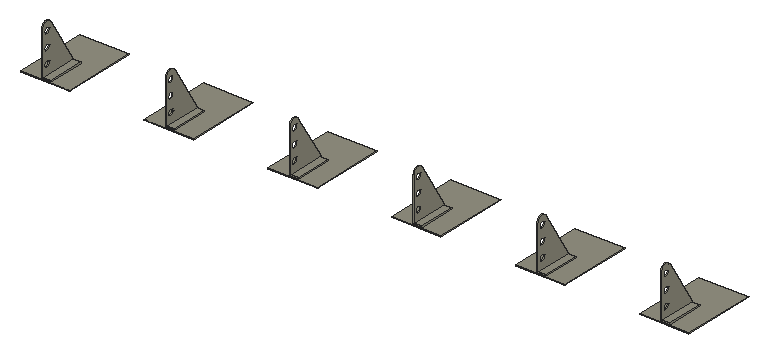
Revit family "Construction_Roof-Accessories_Alpine-SnowGuards_SSG-313H3AL-812BLK", category Specialty Equipment, host Face, Revit 2019
Family settings
  Host = Face
  Round Connector Dimension = Use Diameter
  Part Type = Normal
  OmniClass Number = 23.35.20.31.27.14
  OmniClass Title = Snow Guards
  Cut with Voids When Loaded = No
  Shared = No
  Room Calculation Point = No
Parameters (values of type "Three Pipe")
  Z_Two [instance] = Z_Length > Z_Horizontal Spacing  # yes
  Z_One [instance] = not(Z_Array)  # no
  Z_Length [instance] = if(Length < Z_Horizontal Spacing, Z_Horizontal Spacing, Length)  # 100"
  Z_Horizontal Spacing [instance] = if(Horizontal Spacing < 2", 2", Horizontal Spacing)  # 20"
  Z_Array [instance] = and(Z_Length > Z_Horizontal Spacing * 2)  # yes
  URL = "https://www.alpinesnowguards.com/model/ssg-313h3al-812blk?utm_source=bimobject&utm_medium=productlisting&utm_campaign=2022marketing"
  Snow Guard Count [instance] = if(Length < Horizontal Spacing, 1, if(and(Z_Length > Z_Horizontal Spacing, Z_Length < Z_Horizontal Spacing * 2), 2, Z_Number of Pads Control))  # 6
  Product data url = "https://www.bimobject.com/en-us/alpine-snowguards/product/ssg-313h3al-812blk_pipe_style_for_asphalt_shingle"
  Product Material = Alpine SnowGuards - Aluminium - Mill Finish
  Product Guid = "af4911d6-feec-4705-85d1-f370e7dd8e1f"
  Z_Number of Pads Control [instance] = if(Z_Length / Z_Horizontal Spacing + 1 < 3, 3, rounddown(Z_Length / Z_Horizontal Spacing + 1))  # 6
  Pad Material = Alpine SnowGuards - Aluminium - Mill Finish
  Model = "SSG-313H3AL-812BLK"
  Manufacturer = "Alpine SnowGuards"  # constant formula
  Length [instance] = 100"
  Keynote = "07720"
  Length Note [instance] = "To show a single SnowGuard set Length to 0"  # constant formula
  Horizontal Spacing = 20"
  Edition number = 1
  Description = "SSG-313H3AL-812BLK pipe-style snow guard bracket for composition shingles."  # constant formula
  Default Elevation = 48"
  Base Material = Alpine SnowGuards - Aluminium - Mill Finish
  Assembly Code = "B3010"
Reference planes (in)
  plane 1 "Center (Front/Back)": y = 0
  plane 2: z = 0
  plane 3 "Center (Left/Right)": x = 0
  plane 4: x = 100
  plane 5: z = 0.0625
  plane 6: x = 20
  plane 7: y = -5.75
Dimensions and locks (in)
  "Z_Length": plane 3 "Center (Left/Right)" to plane 4
  locked: plane 5 to plane 2 at 0.0625
  "Z_Horizontal Spacing": plane 3 "Center (Left/Right)" to plane 6
  equal spacing: group 1, group 2, group 3, group 7, group 8, group 9  (x3)
  locked: nested 1 to plane 7 at 0.25
  equal spacing: group 4, group 5, group 6, group 10, group 11, group 12  (x3)
  aligned and locked: host face to plane 2
  aligned and locked: level to host face
  aligned and locked: plane 3 "Center (Left/Right)" to nested 1
  aligned and locked: plane 1 "Center (Front/Back)" to nested 1
  aligned and locked: plane 5 to nested 1
  aligned and locked: plane 6 to nested 2
  aligned and locked: plane 1 "Center (Front/Back)" to nested 2
  aligned and locked: plane 3 "Center (Left/Right)" to nested 4
  aligned and locked: plane 7 to nested 4
  aligned and locked: plane 6 to nested 5
  aligned and locked: plane 7 to nested 5
  aligned and locked: nested 7 to plane 3 "Center (Left/Right)"
  aligned and locked: nested 8 to plane 6
  aligned and locked: plane 3 "Center (Left/Right)" to nested 9
  aligned and locked: plane 6 to nested 10
  aligned and locked: nested 7 to plane 1 "Center (Front/Back)"
  aligned and locked: nested 8 to plane 1 "Center (Front/Back)"
  aligned and locked: plane 7 to nested 10
  aligned and locked: plane 7 to nested 9
Automatic sketch dimensions
  host sketch curve to host sketch curve = 135.21334"
  host sketch curve to host sketch curve = 96"
Nested families (in)
  nested 1: "Construction_Roof-Accessories_Alpine-SnowGuards_Base-FLASHING2V-BLK812" at (0, 6, 0), Material <- "Base Material", visible <- "Z_Array", type "8" x 12""
    with Material Alpine SnowGuards - Aluminium - Mill Finish
  nested 2: "Construction_Roof-Accessories_Alpine-SnowGuards_Base-FLASHING2V-BLK812" at (20, 6, 0), Material <- "Base Material", visible <- "Z_Array", type "8" x 12""
    with Material Alpine SnowGuards - Aluminium - Mill Finish
  nested 3: "Construction_Roof-Accessories_Alpine-SnowGuards_Base-FLASHING2V-BLK812" at (40, 6, 0), Material <- "Base Material", visible <- "Z_Array", type "8" x 12""
    with Material Alpine SnowGuards - Aluminium - Mill Finish
  nested 4: "Construction_Roof-Accessories_Alpine-SnowGuards_Pad-PP-313H3AL" at (0, 5.60561, 0), Pad Material <- "Pad Material", visible <- "Z_Array", type "-"
    with Pad Material Alpine SnowGuards - Aluminium - Mill Finish
  nested 5: "Construction_Roof-Accessories_Alpine-SnowGuards_Pad-PP-313H3AL" at (20, 5.60561, 0), Pad Material <- "Pad Material", visible <- "Z_Array", type "-"
    with Pad Material Alpine SnowGuards - Aluminium - Mill Finish
  nested 6: "Construction_Roof-Accessories_Alpine-SnowGuards_Pad-PP-313H3AL" at (40, 5.60561, 0), Pad Material <- "Pad Material", visible <- "Z_Array", type "-"
    with Pad Material Alpine SnowGuards - Aluminium - Mill Finish
  nested 7: "Construction_Roof-Accessories_Alpine-SnowGuards_Base-FLASHING2V-BLK812" at (0, -6, 0) x (-1, 0, 0) z (0, 0, 1), Material <- "Base Material", visible <- "Z_One", type "8" x 12""
    with Material Alpine SnowGuards - Aluminium - Mill Finish
  nested 8: "Construction_Roof-Accessories_Alpine-SnowGuards_Base-FLASHING2V-BLK812" at (20, -6, 0) x (-1, 0, 0) z (0, 0, 1), Material <- "Base Material", visible <- "Z_Two", type "8" x 12""
    with Material Alpine SnowGuards - Aluminium - Mill Finish
  nested 9: "Construction_Roof-Accessories_Alpine-SnowGuards_Pad-PP-313H3AL" at (0, 5.60561, 0), Pad Material <- "Pad Material", visible <- "Z_One", type "-"
    with Pad Material Alpine SnowGuards - Aluminium - Mill Finish
  nested 10: "Construction_Roof-Accessories_Alpine-SnowGuards_Pad-PP-313H3AL" at (20, 5.60561, 0), Pad Material <- "Pad Material", visible <- "Z_Two", type "-"
    with Pad Material Alpine SnowGuards - Aluminium - Mill Finish
  nested 11: "Construction_Roof-Accessories_Alpine-SnowGuards_Base-FLASHING2V-BLK812" at (60, 6, 0), Material <- "Base Material", visible <- "Z_Array", type "8" x 12""
    with Material Alpine SnowGuards - Aluminium - Mill Finish
  nested 12: "Construction_Roof-Accessories_Alpine-SnowGuards_Base-FLASHING2V-BLK812" at (80, 6, 0), Material <- "Base Material", visible <- "Z_Array", type "8" x 12""
    with Material Alpine SnowGuards - Aluminium - Mill Finish
  nested 13: "Construction_Roof-Accessories_Alpine-SnowGuards_Base-FLASHING2V-BLK812" at (100, 6, 0), Material <- "Base Material", visible <- "Z_Array", type "8" x 12""
    with Material Alpine SnowGuards - Aluminium - Mill Finish
  nested 14: "Construction_Roof-Accessories_Alpine-SnowGuards_Pad-PP-313H3AL" at (60, 5.60561, 0), Pad Material <- "Pad Material", visible <- "Z_Array", type "-"
    with Pad Material Alpine SnowGuards - Aluminium - Mill Finish
  nested 15: "Construction_Roof-Accessories_Alpine-SnowGuards_Pad-PP-313H3AL" at (80, 5.60561, 0), Pad Material <- "Pad Material", visible <- "Z_Array", type "-"
    with Pad Material Alpine SnowGuards - Aluminium - Mill Finish
  nested 16: "Construction_Roof-Accessories_Alpine-SnowGuards_Pad-PP-313H3AL" at (100, 5.60561, 0), Pad Material <- "Pad Material", visible <- "Z_Array", type "-"
    with Pad Material Alpine SnowGuards - Aluminium - Mill Finish
Definition of nested family "Construction_Roof-Accessories_Alpine-SnowGuards_Base-FLASHING2V-BLK812"
  Parameters (values of type "8" x 12"")
    W = 8"
    Material [instance] = none
  Reference planes (in)
    plane 1 "Center (Front/Back)": y = 0
    plane 2: z = 0
    plane 3 "Center (Left/Right)": x = 0
    plane 4: y = -12
    plane 5: x = -4
    plane 6: x = 4
    plane 7: y = -6
  Forms (in)
    Extrusion 1, solid, material <- "Material"
      sketch origin (0, 0, 0) x (1, 0, 0) y (0, 0, 1)
        loop
          line (-4, 0.0625) -> (-4, 0) -> (4, 0) -> (4, 0.0625) -> (-4, 0.0625)
      from 0 to 12
  Dimensions and locks (in)
    plane 4 to plane 1 "Center (Front/Back)" = 12"
    equal spacing: plane 5, plane 3 "Center (Left/Right)", plane 6
    "W": plane 5 to plane 6
    locked: Extrusion 1 sketch curve to level at 0.0625
    equal spacing: plane 1 "Center (Front/Back)", plane 7, plane 4
    aligned and locked: level to plane 2
    aligned and locked: plane 5 to Extrusion 1 sketch curve
    aligned and locked: plane 2 to Extrusion 1 sketch curve
    aligned and locked: Extrusion 1 sketch curve to plane 6
    aligned and locked: Extrusion 1 to plane 1 "Center (Front/Back)"
    aligned and locked: Extrusion 1 to plane 4
Definition of nested family "Construction_Roof-Accessories_Alpine-SnowGuards_Pad-PP-313H3AL"
  Parameters (values of type "-")
    Pad Material [instance] = none
  Reference planes (in)
    plane 1 "Center (Front/Back)": y = 0
    plane 2: z = 0
    plane 3 "Center (Left/Right)": x = 0
    plane 4: y = -11.60561
    plane 5: x = -3
    plane 6: x = 3
    plane 7: y = -5.35561
    plane 8: z = 8.0625
    plane 9: z = 0.0625
    plane 10: z = 8.0625
  Forms (in)
    Extrusion 1, solid, material <- "Pad Material"
      sketch origin (0, -5.21833, 0) x (1, 0, 0) y (0, 0, 1)
        loop
          line (-0.71875, 0.25) -> (-0.71875, 0.0625) -> (0.71875, 0.0625) -> (0.71875, 0.25) -> (-0.71875, 0.25)
      from 0.13728 to 6.13728
    Sweep 2, solid, material <- "Pad Material", detail levels fine
      path origin (-0.625, -5.21833, -0.125) x (1, 0, 0) y (0, 0, 1)
        loop
          line (-0.09375, 0.4375) -> (0.09375, 0.4375)
      profile origin (-0.625, -5.21833, 0.3125) x (0, 0, 1) y (0, -1, 0)
        loop
          line (-0.0625, 0.13728) -> (0.04865, 0.13728) -> (7.3397, 4.5993)
          arc (7.3397, 4.5993) -> (7.70536, 5.53233) -> (6.90644, 6.13728) r 0.83001
          line (6.90644, 6.13728) -> (-0.0625, 6.13728) -> (-0.0625, 0.13728)
        loop
          circle (6.375, 5.35561) r 0.53125
        loop
          circle (3.9375, 5.35561) r 0.53125
        loop
          circle (1.5625, 5.35561) r 0.53125
    Sweep 3, solid, material <- "Pad Material", detail levels coarse+medium
      path origin (-0.625, -13.21833, -0.125) x (1, 0, 0) y (0, 0, 1)
        loop
          line (-0.09375, 0.4375) -> (0.09375, 0.4375)
      profile origin (-0.625, -13.21833, 0.3125) x (0, 0, 1) y (0, -1, 0)
        loop
          line (-0.0625, -7.86272) -> (0.04865, -7.86272) -> (7.3397, -3.4007)
          arc (7.3397, -3.4007) -> (7.70536, -2.46767) -> (6.90644, -1.86272) r 0.83001
          line (6.90644, -1.86272) -> (-0.0625, -1.86272) -> (-0.0625, -7.86272)
  Dimensions and locks (in)
    plane 4 to plane 1 "Center (Front/Back)" = 11.60561"
    equal spacing: plane 5, plane 3 "Center (Left/Right)", plane 6
    plane 5 to plane 6 = 6"
    locked: Extrusion 1 sketch curve to plane 2 at 0.0625
    locked: Extrusion 1 sketch curve to Extrusion 1 sketch curve at 0.1875
    locked: Extrusion 1 sketch curve to plane 5 at 2.28125
    plane 1 "Center (Front/Back)" to Sweep 2 sketch curve = 5.35561"
    locked: level to plane 9 at 0.0625
    locked: plane 9 to Sweep 2 sketch curve at 1.8125
    locked: plane 9 to Sweep 2 sketch curve at 6.625
    locked: plane 9 to Sweep 2 sketch curve at 4.1875
    locked: plane 9 to plane 8 at 8
    locked: plane 4 to plane 7 at 6.25
    aligned and locked: level to plane 2
  Automatic sketch dimensions
    Sweep 2 sketch curve to plane 3 "Center (Left/Right)" = 23/32"
    Sweep 2 sketch curve to plane 3 "Center (Left/Right)" = 17/32"
    level to Sweep 2 sketch curve = 5/16"
    plane 3 "Center (Left/Right)" to Extrusion 1 sketch curve = 23/32"
    Sweep 2 sketch curve to profile plane = 0.04865"
    profile plane to Sweep 2 sketch curve = 1/16"
    plane 8 to Sweep 2 sketch curve = 0.84356"
    plane 8 to Sweep 2 sketch curve = 0.4103"
    Sweep 2 sketch curve to Sweep 2 sketch curve = 1.53798"
    Sweep 2 sketch curve to Sweep 2 sketch curve = 0.78167"
    Sweep 2 sketch curve to Sweep 2 sketch curve = 0"
    Sweep 2 sketch curve to Sweep 2 sketch curve = 0.04835"
    plane 1 "Center (Front/Back)" to Sweep 2 sketch curve = 9.81763"
    Sweep 3 sketch curve to plane 9 = 1/4"
    Sweep 3 sketch curve to plane 3 "Center (Left/Right)" = 23/32"
    Sweep 3 sketch curve to Sweep 3 sketch curve = 3/16"
    profile plane to Sweep 3 sketch curve = 1/16"
    Sweep 3 sketch curve to profile plane = 0.04865"
    plane 10 to Sweep 3 sketch curve = 0.84356"
    plane 10 to Sweep 3 sketch curve = 0.4103"
    Sweep 3 sketch curve to profile plane = 7.86272"
    Sweep 3 sketch curve to profile plane = 3.4007"
    Sweep 3 sketch curve to Sweep 3 sketch curve = 0.70796"
    radius of Sweep 2 sketch curve = 17/32"  (x3)
